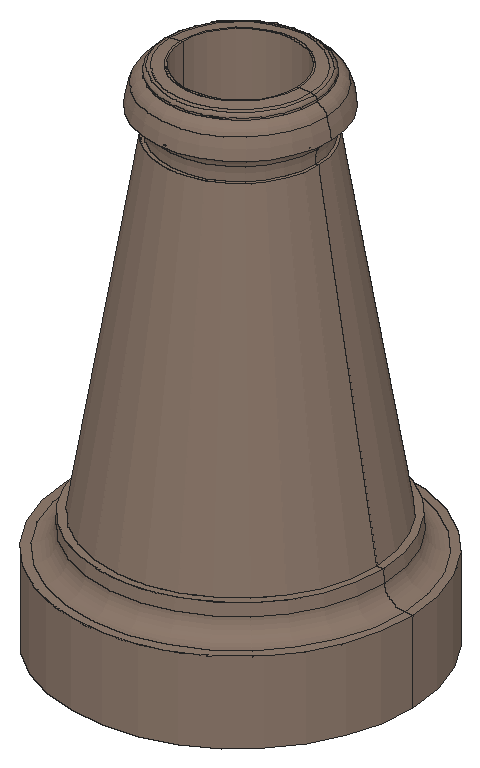
Revit family "CB0200", category Generic Models, Revit 2014
Parameters
  BASE = Bronze, Architectural
Reference planes (in)
  plane 1 "Center (Front/Back)": y = 0
  plane 2: z = 0
  plane 3 "Center (Left/Right)": x = 0
Forms (in)
  Revolve 1, solid, material "Bronze, Architectural" <- "BASE"
    sketch origin (0, 0, 0) x (1, 0, 0) y (0, 0, 1)
      loop
        line (-2.0625, 18) -> (-2.44945, 17.95249) -> (-2.56149, 17.92647)
        arc (-2.56149, 17.92647) -> (-2.62975, 17.88214) -> (-2.65625, 17.80519) r 0.125
        line (-2.65625, 17.80519) -> (-2.65625, 17.75)
        arc (-2.65625, 17.75) -> (-2.88171, 17.63567) -> (-3.02369, 17.42652) r 0.50581
        arc (-3.02369, 17.42652) -> (-3.12538, 17.09305) -> (-3.1875, 16.75) r 2.98538
        arc (-3.1875, 16.75) -> (-2.87805, 16.60064) -> (-2.68738, 16.3148) r 0.65255
        arc (-2.68738, 16.3148) -> (-2.63418, 16.06638) -> (-2.625, 15.8125) r 1.45517
        line (-2.625, 15.8125) -> (-2.75, 15.8125) -> (-4.75, 4) -> (-5, 4) -> (-5.03662, 3.58142)
        arc (-5.03662, 3.58142) -> (-5.23631, 3.09933) -> (-5.7184, 2.89964) r 0.68178
        line (-5.7184, 2.89964) -> (-6, 2.875) -> (-6, 0) -> (0, 0) -> (0, 18) -> (-2.0625, 18)
      axis (0, 0) -> (0, 18)
    angle from 0 to 360
  Revolve 2, void
    sketch origin (0, 0, 0) x (1, 0, 0) y (0, 0, 1)
      loop
        line (-2, 14) -> (0, 14) -> (0, 18) -> (-2, 18) -> (-2, 14)
      axis (0, 18) -> (0, 14)
    angle from 0 to 360
Cuts and joins
  Revolve 2 cuts Revolve 1
Dimensions and locks (in)
  aligned and locked: plane 2 to level
